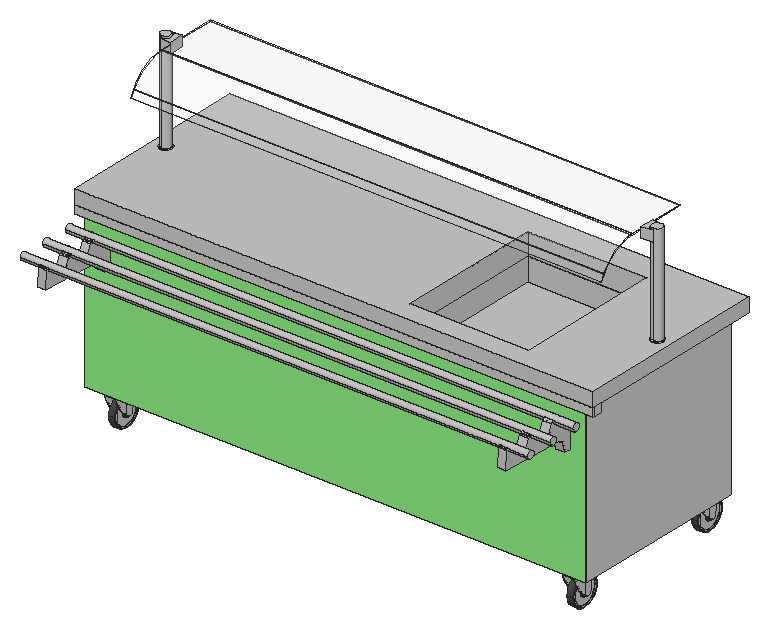
Revit family "QF_BOURGEAT_Self_Meuble_neutre_GN6", category Equipement spécialisé, Revit 2015
Parameters (values of type "GN6_dessus_decoupe+roues+etageres")
  dessus_plat = no
  dessus_decoupe = yes
  URL catalogue = "http://www.bourgeat.fr/fr/"
  URL = ""
  Type de Raccord Electrique = ""
  Type article = ""
  Tension = 0 V
  Spécification du Fabricant = "Meuble_neutre_OASIS"
  Roues = yes
  Remarques Electricité = ""
  Puissance électrique  = 0 W
  Profondeur hors tout = 820 mm
  Poids net à vide = 170.00 kg
  Pieds = no
  lgmeuble = Longueur hors tout - 68 mm  # 2121 mm
  lgconsole = Longueur hors tout - 44 mm  # 2145 mm
  lg_presentoir = lgmeuble - 44 mm  # 2077 mm
  lg_etagere = lgmeuble - 404 mm  # 1717 mm
  Presentoir = no
  Phase = 0
  Nature isolant = "Laine de verre"
  Modèle = "854226+854950+854956"
  Longueur hors tout = 2189 mm
  Intensité nominale = 0 A
  Indice de protection = "21"
  Hauteur hors tout = 900 mm
  Fréquence = 0 Hz
  Fabricant = "BOURGEAT"
  Etageres = no
  Contact SAV = "0033 (0)4.76.32.14.44"
  Charge max = 150.00 kg
  Certification = "NF alimentaire"
Types (16, lengths in mm): name | dessus_plat | dessus_decoupe | Tension | Roues | Puissance électrique  | Poids net à vide | Pieds | Presentoir | Phase | Modèle | Intensité nominale | Hauteur hors tout | Fréquence | Etageres
  GN6_dessus_decoupe | no | yes | 0 V | yes | 0 W | 200.00 kg | no | yes | 0 | "854226" | 0 A | 900 | 0 Hz | yes
  GN6_dessus_plat | yes | no | 0 V | no | 0 W | 170.00 kg | yes | no | 0 | "854116" | 0 A | 900 | 0 Hz | no
  GN6_dessus_plat+rampe_chauffante | yes | no | 230 V | no | 1000 W | 200.00 kg | yes | yes | 2 | "854116+851326" | 4.34783 A | 1330 | 50 Hz | no
  GN6_dessus_plat+roues | yes | no | 0 V | yes | 0 W | 170.00 kg | no | no | 0 | "854116+854950" | 0 A | 900 | 0 Hz | no
  GN6_dessus_plat+etageres | yes | no | 0 V | no | 0 W | 170.00 kg | yes | no | 0 | "854116+854956" | 0 A | 900 | 0 Hz | yes
  GN6_dessus_plat+rampe_chauffante+roues | yes | no | 230 V | yes | 1000 W | 200.00 kg | no | yes | 2 | "854116+851326+854950" | 4.34783 A | 1330 | 50 Hz | no
  GN6_dessus_plat+rampe_chauffante+etageres | yes | no | 230 V | no | 1000 W | 200.00 kg | yes | yes | 2 | "854116+851326+854956" | 4.34783 A | 1330 | 50 Hz | yes
  GN6_dessus_plat+roues+etageres | yes | no | 0 V | yes | 0 W | 170.00 kg | no | no | 0 | "854116+854950+854956" | 0 A | 900 | 0 Hz | yes
  GN6_dessus_plat+rampe_chauffante+roues+etageres | yes | no | 230 V | yes | 1000 W | 200.00 kg | no | yes | 2 | "854116+851326+854950+854956" | 4.34783 A | 1330 | 50 Hz | yes
  GN6_dessus_decoupe+rampe_chauffante | no | yes | 230 V | no | 960 W | 200.00 kg | yes | yes | 2 | "854226+851326" | 4.17391 A | 1330 | 50 Hz | no
  GN6_dessus_decoupe+roues | no | yes | 0 V | yes | 0 W | 170.00 kg | no | no | 0 | "854226+854950" | 0 A | 900 | 0 Hz | no
  GN6_dessus_decoupe+etageres | no | yes | 0 V | no | 0 W | 170.00 kg | yes | no | 0 | "854226+854956" | 0 A | 900 | 0 Hz | yes
  GN6_dessus_decoupe+rampe_chauffante+roues | no | yes | 230 V | yes | 960 W | 200.00 kg | no | yes | 2 | "854226+851326+854950" | 4.17391 A | 1330 | 50 Hz | no
  GN6_dessus_decoupe+rampe_chauffante+etageres | no | yes | 230 V | no | 960 W | 200.00 kg | yes | yes | 2 | "854226+851326+854956" | 4.17391 A | 1330 | 50 Hz | yes
  GN6_dessus_decoupe+roues+etageres | no | yes | 0 V | yes | 0 W | 170.00 kg | no | no | 0 | "854226+854950+854956" | 0 A | 900 | 0 Hz | no
  GN6_dessus_decoupe+rampe_chauffante+roues+etageres | no | yes | 230 V | yes | 960 W | 200.00 kg | no | yes | 2 | "854226+851326+854950+854956" | 4.17391 A | 1330 | 50 Hz | yes
Reference planes
  plane 1 "Centre (avant/arrière)": y = 0
  plane 2: z = 0
  plane 3 "Centre (gauche/droite)": x = 0
  plane 4: z = 235
  plane 5: z = 465
  plane 6: z = 284
  plane 7: z = 640
  plane 8: x = -2052
  plane 9: y = 590
Forms (mm)
  Extrusion 1, solid
    sketch origin (0, 0, 0) x (1, 0, 0) y (0, 1, 0)
      loop
        circle (-2052, 590) r 10
    from 147.533 to 160
Dimensions and locks
  locked: plane 4 to plane 2 at 235
  locked: plane 6 to plane 2 at 284
  locked: plane 7 to plane 2 at 640
  locked: nested 1 to plane 8 at 67
  aligned and locked: level to plane 2
  aligned and locked: nested 1 to plane 1 "Centre (avant/arrière)"
  aligned and locked: nested 3 to nested 1
  aligned and locked: nested 1 to plane 2
  aligned and locked: plane 7 to nested 3
  aligned and locked: nested 5 to nested 1
  aligned and locked: nested 4 to nested 1
  aligned and locked: plane 4 to nested 5
  aligned and locked: nested 4 to plane 5
  aligned and locked: nested 1 to nested 2
  aligned and locked: nested 7 to nested 1  (x2)
  aligned and locked: nested 7 to nested 2
  aligned and locked: nested 6 to nested 7  (x2)
  aligned and locked: nested 6 to nested 2
  aligned and locked: plane 8 to Extrusion 1 sketch curve
  aligned and locked: plane 9 to Extrusion 1 sketch curve
Nested families
  nested 1: "corps_meuble" at (0, 0, 160), type "corps_meuble"
    with roues yes, pieds no, lg_meuble 2119 mm, lg_ht 2189 mm
  nested 2: "presentoir" at (-1059.5, 402, 551.997) x (0, 1, 0) z (0, 0, 1), type "presentoir"
    with lg_presentoir 2077 mm
  nested 3: "barre_et_console" at (-1059.5, 0, 465) x (-1, 0, 0) z (0, 0, 1), type "barre_et_console"
    with lg_ht 2189 mm, lg_barre_console 2145 mm
  nested 4: "etagere" at (-1059.5, 80, 427) x (-1, 0, 0) z (0, 0, 1), visible <- "Etageres", type "etagere"
    with lg_etagere 1717 mm
  nested 5: "etagere" at (-1059.5, 80, 197) x (-1, 0, 0) z (0, 0, 1), visible <- "Etageres", type "etagere"
    with lg_etagere 1717 mm
  nested 6: "dessus_decoupe" at (-1059.5, 402, 808), visible <- "dessus_decoupe", type "dessus_découpe"
    with lg_cuve 2189 mm
  nested 7: "dessus_plat" at (-1059.5, 402, 808), visible <- "dessus_plat", type "dessus_plat"
    with lg_cuve 2189 mm
Connectors
  electrical at (-2052, 590, 147.533), driven by "Tension"
    settings: on Extrusion 1, index 1, voltage 0 V, apparent load 0 VA, apparent load phase1 960 VA, apparent load phase2 0 VA, apparent load phase3 0 VA, power factor 1, load classification "Autre", number of poles 1, system type 30, power factor state 1, is connector primary yes, connector utility no, sub classification motor no, connector description ""
Definition of nested family "corps_meuble"
  Parameters (values of type "corps_meuble")
    roues = no
    pieds = yes
    lg_meuble = lg_ht - 70 mm  # 1464 mm
    lg_ht = 1534 mm
  Reference planes
    plane 1 "Centre (avant/arrière)": y = 0
    plane 2: z = 0
    plane 3 "Centre (gauche/droite)": x = 0
    plane 4: x = -480.227
    plane 5: z = 680
    plane 6: x = -732
    plane 7: x = -379.227
    plane 8: x = -1464
    plane 9: x = -1414
    plane 10: x = -202
    plane 11: x = -50
    plane 12: x = -1262
    plane 13: x = -1374
    plane 14: x = -90
    plane 15: z = 519
    plane 16: x = -1371
    plane 17: x = -93
    plane 18: y = 53
    plane 19: y = 712
    plane 20: y = 402
    plane 21: y = -1
  Forms (mm)
    Extrusion 1, solid
      sketch origin (-379.227, -50.814, 0) x (1, 0, 0) y (0, 1, 0)
        loop
          line (-1084.773, 815.814) -> (-1084.773, 50.814) -> (379.227, 50.814) -> (379.227, 815.814) -> (177.227, 815.814) -> (177.227, 130.814) -> (-882.773, 130.814) -> (-882.773, 815.814) -> (-1084.773, 815.814)
      from 0 to 680
    Extrusion 2, void
      sketch origin (-379.227, 0, 0) x (1, 0, 0) y (0, 1, 0)
        loop
          line (-1034.773, 699.99) -> (-1034.773, 119.99) -> (329.227, 119.99) -> (329.227, 699.99) -> (-1034.773, 699.99)
      from 541.178 to 680
    Extrusion 3, solid
      sketch origin (0, 0, 0) x (1, 0, 0) y (0, 1, 0)
        loop
          line (-1414, 699.99) -> (-1414, 119.99) -> (-1262, 119.99) -> (-1262, 699.99) -> (-1414, 699.99)
        loop
          line (-202, 699.99) -> (-202, 119.99) -> (-50, 119.99) -> (-50, 699.99) -> (-202, 699.99)
      from 541.178 to 680
    Extrusion 4, solid
      sketch origin (0, 0, 0) x (1, 0, 0) y (0, 0, 1)
        loop
          line (-1464, 680) -> (-1464, 0) -> (0, 0) -> (0, 680) -> (-1464, 680)
      from 0 to 1
  Cuts and joins
    Extrusion 2 cuts Extrusion 1
  Dimensions and locks
    locked: plane 5 to plane 2 at 680
    locked: plane 8 to plane 9 at 50
    locked: plane 10 to plane 3 "Centre (gauche/droite)" at 202
    locked: plane 11 to plane 3 "Centre (gauche/droite)" at 50
    equal spacing: plane 8, plane 6, plane 3 "Centre (gauche/droite)"
    "lg_meuble": plane 8 to plane 3 "Centre (gauche/droite)"
    locked: plane 8 to plane 12 at 202
    locked: plane 8 to plane 13 at 90
    locked: plane 14 to plane 3 "Centre (gauche/droite)" at 90
    locked: plane 15 to plane 2 at 519
    locked: plane 8 to plane 16 at 93
    locked: plane 17 to plane 3 "Centre (gauche/droite)" at 93
    locked: cut or joined group of Extrusion 1, Extrusion 2 to plane 20 at 363
    aligned and locked: level to plane 2
    aligned and locked: plane 5 to Extrusion 1
    aligned and locked: cut or joined group of Extrusion 1, Extrusion 2 to plane 8
    aligned and locked: Extrusion 2 to plane 9
    aligned and locked: Extrusion 1 to plane 10
    aligned and locked: plane 11 to cut or joined group of Extrusion 1, Extrusion 2
    aligned and locked: plane 12 to cut or joined group of Extrusion 1, Extrusion 2
    aligned and locked: nested 1 to plane 13
    aligned and locked: plane 14 to nested 2
    aligned and locked: nested 2 to cut or joined group of Extrusion 1, Extrusion 2
    aligned and locked: nested 1 to cut or joined group of Extrusion 1, Extrusion 2
    aligned and locked: nested 1 to plane 15
    aligned and locked: nested 2 to plane 15
    aligned and locked: plane 13 to nested 3
    aligned and locked: plane 19 to nested 3
    aligned and locked: nested 4 to plane 18
    aligned and locked: plane 13 to nested 4
    aligned and locked: nested 5 to plane 18
    aligned and locked: plane 17 to nested 5
    aligned and locked: plane 19 to nested 6
    aligned and locked: plane 17 to nested 6
    aligned and locked: plane 17 to nested 9
    aligned and locked: plane 19 to nested 9
    aligned and locked: nested 10 to plane 18
    aligned and locked: plane 17 to nested 10
    aligned and locked: nested 8 to plane 18
    aligned and locked: plane 13 to nested 8
    aligned and locked: plane 13 to nested 7
    aligned and locked: plane 19 to nested 7
    aligned and locked: nested 4 to plane 2
    aligned and locked: nested 3 to plane 2
    aligned and locked: nested 7 to plane 2
    aligned and locked: nested 10 to plane 2
    aligned and locked: nested 9 to plane 2
    aligned and locked: nested 5 to plane 2
    aligned and locked: nested 6 to plane 2
    aligned and locked: Extrusion 3 sketch curve to cut or joined group of Extrusion 1, Extrusion 2  (x8)
    aligned and locked: Extrusion 4 sketch curve to cut or joined group of Extrusion 1, Extrusion 2  (x4)
    aligned and locked: plane 21 to Extrusion 4
  Automatic sketch dimensions
    Extrusion 1 sketch curve to plane 8 = 0 mm
    Extrusion 1 sketch curve to plane 10 = 0 mm
    plane 1 "Centre (avant/arrière)" to Extrusion 1 sketch curve = 0 mm
    Extrusion 1 sketch curve to plane 3 "Centre (gauche/droite)" = 0 mm
    Extrusion 1 sketch curve to plane 1 "Centre (avant/arrière)" = 80 mm
    Extrusion 1 sketch curve to plane 6 = 530 mm
    Extrusion 1 sketch curve to Extrusion 1 sketch curve = 685 mm
    Extrusion 1 sketch curve to Extrusion 1 sketch curve = 765 mm
    Extrusion 2 sketch curve to plane 9 = 0 mm
    Extrusion 2 sketch curve to plane 11 = 0 mm
    Extrusion 2 sketch curve to plane 1 "Centre (avant/arrière)" = 119.99 mm
    Extrusion 2 sketch curve to Extrusion 2 sketch curve = 580 mm
  Nested families
    nested 1: "Prise" at (-1331, 790, 562), type "Prise"
    nested 2: "Prise" at (-133, 790, 562), type "Prise"
    nested 3: "pied" at (-1374, 712, -160), visible <- "pieds", type "pied"
    nested 4: "pied" at (-1374, 53, -160), visible <- "pieds", type "pied"
    nested 5: "pied" at (-93, 53, -160), visible <- "pieds", type "pied"
    nested 6: "pied" at (-93, 712, -160), visible <- "pieds", type "pied"
    nested 7: "roue_ht160" at (-1374, 712, -160.21), visible <- "roues", type "roue_ht160"
      with Sans frein yes, Avec frein yes
    nested 8: "roue_ht160" at (-1374, 53, -160.21), visible <- "roues", type "roue_ht160"
      with Sans frein yes, Avec frein yes
    nested 9: "roue_ht160" at (-93, 712, -160.21), visible <- "roues", type "roue_ht160"
      with Sans frein yes, Avec frein yes
    nested 10: "roue_ht160" at (-93, 53, -160.21), visible <- "roues", type "roue_ht160"
      with Sans frein yes, Avec frein yes
  Definition of nested family "Prise"
    Reference planes
      plane 1 "Centre (avant/arrière)": y = 0
      plane 2: z = 0
      plane 3 "Centre (gauche/droite)": x = 0
      plane 4: x = 43
      plane 5: x = -43
      plane 6: z = 43
      plane 7: z = -43
      plane 8: y = -25
    Forms (mm)
      Extrusion 1, solid
        sketch origin (0, 0, 0) x (1, 0, 0) y (0, 0, 1)
          loop
            line (-43, 43) -> (-43, -43) -> (43, -43) -> (43, 43) -> (-43, 43)
        from 0 to 25
    Dimensions and locks
      locked: plane 8 to plane 1 "Centre (avant/arrière)" at 25
      aligned and locked: level to plane 2
      aligned and locked: Extrusion 1 sketch curve to plane 6
      aligned and locked: Extrusion 1 sketch curve to plane 5
      aligned and locked: Extrusion 1 sketch curve to plane 7
      aligned and locked: Extrusion 1 sketch curve to plane 4
      aligned and locked: Extrusion 1 to plane 8
  Definition of nested family "pied"
    Reference planes
      plane 1 "Centre (avant/arrière)": y = 0
      plane 2: z = 0
      plane 3 "Centre (gauche/droite)": x = 0
    Forms (mm)
      Revolve 1, solid
        sketch origin (0, 0, 0) x (1, 0, 0) y (0, 0, 1)
          loop
            line (0, 160) -> (-33, 160) -> (-33, 70) -> (-28, 70) -> (-28, 0) -> (0, 0) -> (0, 160)
          axis (0, 160) -> (0, 0)
        angle from 0 to 360
    Dimensions and locks
      plane 3 "Centre (gauche/droite)" to Revolve 1 sketch curve = 28 mm
      Revolve 1 sketch curve to plane 3 "Centre (gauche/droite)" = 33 mm
      Revolve 1 sketch curve to plane 2 = 70 mm
      Revolve 1 sketch curve to Revolve 1 sketch curve = 90 mm
      aligned and locked: level to plane 2
  Definition of nested family "roue_ht160"
    Parameters (values of type "roue_ht160")
      Sans frein [instance] = yes
      Avec frein [instance] = yes
    Reference planes
      plane 1 "Centre (avant/arrière)": y = 0
      plane 2: z = 0
      plane 3 "Centre (gauche/droite)": x = 0
      plane 4: y = 40.851
      plane 5: z = 62.5
    Forms (mm)
      Extrusion 1, solid
        sketch origin (0, 0, 0) x (0, 1, 0) y (0, 0, 1)
          loop
            circle (40.851, 62.5) r 62.5
          loop
            circle (40.851, 62.5) r 57.5
        from -12.5 to 12.5
      Revolve 2, solid
        sketch origin (0, 0, 0) x (0, 1, 0) y (0, 0, 1)
          loop
            line (0, 160.21) -> (-20.149, 160.21) -> (-20.149, 159.41) -> (-21.6, 159.41)
            arc (-21.6, 159.41) -> (-24.448, 158.65) -> (-26.537, 156.572) r 5.712
            line (-26.537, 156.572) -> (-30.146, 147.743) -> (-26.999, 147.062) -> (-26.999, 146.112)
            arc (-26.999, 146.112) -> (-27.23, 145.314) -> (-27.849, 144.761) r 1.5
            arc (-27.849, 144.761) -> (-29.223, 143.633) -> (-29.923, 142) r 3.75
            line (-29.923, 142) -> (0, 142) -> (0, 160.21)
          axis (0, 160.21) -> (0, 142)
        angle from 0 to 360
      Extrusion 3, solid
        sketch origin (0, 0, 0) x (0, 1, 0) y (0, 0, -1)
          loop
            line (-29.974, -138.241) -> (-29.974, -142) -> (21.747, -142) -> (21.747, -60.336)
            arc (21.747, -60.336) -> (10.272, -70.702) -> (-0.149, -82.127) r 160.057
            arc (-0.149, -82.127) -> (-17.883, -108.684) -> (-29.974, -138.241) r 159.585
        from -24.913 to -23.038
      Extrusion 4, solid
        sketch origin (0, 0, 0) x (0, 1, 0) y (0, 0, 1)
          loop
            line (-29.974, 142) -> (-29.974, 140.869) -> (21.747, 140.869) -> (21.747, 142) -> (-29.974, 142)
        from -23.038 to 23.038
      Extrusion 5, solid
        sketch origin (0, 0, 0) x (0, 1, 0) y (0, 0, 1)
          loop
            circle (40.851, 62.5) r 57.5
          loop
            circle (40.851, 62.5) r 55
        from -12.5 to 12.5
      Extrusion 6, solid
        sketch origin (0, 0, 0) x (0, 1, 0) y (0, 0, 1)
          loop
            circle (40.851, 62.5) r 55
        from -7 to 7
      Extrusion 7, solid
        sketch origin (0, 0, 0) x (0, 1, 0) y (0, 0, 1)
          loop
            circle (40.851, 62.5) r 21
        from 7 to 15
      Extrusion 8, solid
        sketch origin (0, 0, 0) x (0, 1, 0) y (0, 0, -1)
          loop
            circle (40.851, -62.5) r 16
        from -23.038 to -15
      Extrusion 9, solid, visible <- "Sans frein"
        sketch origin (0, 0, 0) x (0, 1, 0) y (0, 0, 1)
          loop
            arc (21.747, 60.336) -> (23.188, 59.17) -> (24.642, 58.02) r 161.23
            arc (24.642, 58.02) -> (29.34, 54.513) -> (34.187, 51.216) r 133.333
            arc (34.187, 51.216) -> (46.517, 50.3) -> (53.927, 60.198) r 12.867
            arc (53.927, 60.198) -> (54.714, 99.183) -> (46.119, 137.216) r 161.222
            arc (46.119, 137.216) -> (45.679, 138.887) -> (45.531, 140.609) r 10.076
            line (45.531, 140.609) -> (45.531, 142) -> (21.747, 142) -> (21.747, 60.336)
        from 23.038 to 24.913
      Extrusion 10, solid, visible <- "Sans frein"
        sketch origin (0, 0, 0) x (0, 1, 0) y (0, 0, 1)
          loop
            line (21.747, 142) -> (21.747, 140.701) -> (48.851, 140.701) -> (48.851, 142) -> (21.747, 142)
        from -23.038 to 23.038
      Extrusion 11, solid, visible <- "Avec frein"
        sketch origin (0, 0, 0) x (0, 1, 0) y (0, 0, 1)
          loop
            line (21.747, 142) -> (21.747, 60.336)
            arc (21.747, 60.336) -> (23.177, 59.179) -> (24.62, 58.038) r 160.008
            arc (24.62, 58.038) -> (29.041, 54.705) -> (33.574, 51.527) r 160
            arc (33.574, 51.527) -> (46.135, 50.422) -> (53.724, 60.491) r 13
            arc (53.724, 60.491) -> (55.279, 82.092) -> (53.902, 103.704) r 160
            arc (53.902, 103.704) -> (55.53, 108.653) -> (60.415, 110.463) r 6
            arc (60.415, 110.463) -> (80.625, 109.924) -> (100.725, 112.107) r 150
            arc (100.725, 112.107) -> (104.408, 113.406) -> (107.479, 115.819) r 12
            line (107.479, 115.819) -> (110.851, 121.523)
            arc (110.851, 121.523) -> (85.913, 134.651) -> (58.706, 142) r 127.902
            line (58.706, 142) -> (21.747, 142)
        from 23.038 to 24.913
      Extrusion 12, solid, visible <- "Avec frein"
        sketch origin (0, 0, 0) x (0, 1, 0) y (0, 0, 1)
          loop
            line (58.706, 142) -> (21.747, 142) -> (21.747, 140) -> (58.552, 140)
            arc (58.552, 140) -> (85.253, 132.762) -> (109.73, 119.866) r 125.902
            line (109.73, 119.866) -> (110.851, 121.523)
            arc (110.851, 121.523) -> (85.913, 134.651) -> (58.706, 142) r 127.902
        from -23.038 to 23.038
      Extrusion 13, solid, visible <- "Avec frein"
        sketch origin (0, 19.896, 18.175) x (0, 1, 0) y (0, 0, 1)
          loop
            line (87.583, 97.644) -> (91.829, 95.227)
            arc (91.829, 95.227) -> (93.8, 95.006) -> (95.312, 96.29) r 2.5
            arc (95.312, 96.29) -> (103.495, 100.002) -> (111.176, 104.666) r 74.999
            line (111.176, 104.666) -> (110.852, 105.929)
            arc (110.852, 105.929) -> (110.04, 107.086) -> (108.666, 107.417) r 2
            arc (108.666, 107.417) -> (101.396, 105.849) -> (94.512, 103.034) r 42.354
            line (94.512, 103.034) -> (93.479, 101.228) -> (93.285, 100.414) -> (91.69, 101.675) -> (90.401, 102.412) -> (87.583, 97.644)
        from -23.038 to 23.038
      Extrusion 14, solid, not visible
        sketch origin (0, 0, 0) x (0, 1, 0) y (0, 0, -1)
          loop
            line (-29.974, -138.241) -> (-29.974, -142) -> (21.747, -142) -> (21.747, -60.336)
            arc (21.747, -60.336) -> (10.272, -70.702) -> (-0.149, -82.127) r 160.057
            arc (-0.149, -82.127) -> (-17.883, -108.684) -> (-29.974, -138.241) r 159.585
        from -24.913 to -23.038
      Extrusion 15, solid, not visible
        sketch origin (0, 0, 0) x (0, 1, 0) y (0, 0, 1)
          loop
            circle (40.851, 62.5) r 21
        from 7 to 15
      Extrusion 16, solid, not visible
        sketch origin (0, 0, 0) x (0, 1, 0) y (0, 0, -1)
          loop
            circle (40.851, -62.5) r 16
        from -23.038 to -15
      Extrusion 17, solid, visible <- "Sans frein", not visible
        sketch origin (0, 0, 0) x (0, 1, 0) y (0, 0, 1)
          loop
            arc (21.747, 60.336) -> (23.188, 59.17) -> (24.642, 58.02) r 161.23
            arc (24.642, 58.02) -> (29.34, 54.513) -> (34.187, 51.216) r 133.333
            arc (34.187, 51.216) -> (46.517, 50.3) -> (53.927, 60.198) r 12.867
            arc (53.927, 60.198) -> (54.714, 99.183) -> (46.119, 137.216) r 161.222
            arc (46.119, 137.216) -> (45.679, 138.887) -> (45.531, 140.609) r 10.076
            line (45.531, 140.609) -> (45.531, 142) -> (21.747, 142) -> (21.747, 60.336)
        from 23.038 to 24.913
      Extrusion 18, solid, visible <- "Avec frein", not visible
        sketch origin (0, 0, 0) x (0, 1, 0) y (0, 0, 1)
          loop
            line (21.747, 142) -> (21.747, 60.336)
            arc (21.747, 60.336) -> (23.177, 59.179) -> (24.62, 58.038) r 160.008
            arc (24.62, 58.038) -> (29.041, 54.705) -> (33.574, 51.527) r 160
            arc (33.574, 51.527) -> (46.135, 50.422) -> (53.724, 60.491) r 13
            arc (53.724, 60.491) -> (55.279, 82.092) -> (53.902, 103.704) r 160
            arc (53.902, 103.704) -> (55.53, 108.653) -> (60.415, 110.463) r 6
            arc (60.415, 110.463) -> (80.625, 109.924) -> (100.725, 112.107) r 150
            arc (100.725, 112.107) -> (104.408, 113.406) -> (107.479, 115.819) r 12
            line (107.479, 115.819) -> (110.851, 121.523)
            arc (110.851, 121.523) -> (85.913, 134.651) -> (58.706, 142) r 127.902
            line (58.706, 142) -> (21.747, 142)
        from 23.038 to 24.913
      Extrusion 19, solid
        sketch origin (0, 0, 0) x (0, -1, 0) y (0, 0, -1)
          loop
            arc (29.974, -138.241) -> (17.883, -108.684) -> (0.149, -82.127) r 159.585
            arc (0.149, -82.127) -> (-10.272, -70.702) -> (-21.747, -60.336) r 160.057
            line (-21.747, -60.336) -> (-21.747, -142) -> (29.974, -142) -> (29.974, -138.241)
        from -24.913 to -23.038
      Extrusion 20, solid
        sketch origin (0, 0, 0) x (0, -1, 0) y (0, 0, 1)
          loop
            circle (-40.851, 62.5) r 21
        from 7 to 15
      Extrusion 21, solid
        sketch origin (0, 0, 0) x (0, -1, 0) y (0, 0, -1)
          loop
            circle (-40.851, -62.5) r 16
        from -23.038 to -15
      Extrusion 22, solid, visible <- "Sans frein"
        sketch origin (0, 0, 0) x (0, -1, 0) y (0, 0, 1)
          loop
            line (-21.747, 60.336) -> (-21.747, 142) -> (-45.531, 142) -> (-45.531, 140.609)
            arc (-45.531, 140.609) -> (-45.679, 138.887) -> (-46.119, 137.216) r 10.076
            arc (-46.119, 137.216) -> (-54.714, 99.183) -> (-53.927, 60.198) r 161.222
            arc (-53.927, 60.198) -> (-46.517, 50.3) -> (-34.187, 51.216) r 12.867
            arc (-34.187, 51.216) -> (-29.34, 54.513) -> (-24.642, 58.02) r 133.333
            arc (-24.642, 58.02) -> (-23.188, 59.17) -> (-21.747, 60.336) r 161.23
        from 23.038 to 24.913
      Extrusion 23, solid, visible <- "Avec frein"
        sketch origin (0, 0, 0) x (0, -1, 0) y (0, 0, 1)
          loop
            line (-21.747, 142) -> (-58.706, 142)
            arc (-58.706, 142) -> (-85.913, 134.651) -> (-110.851, 121.523) r 127.902
            line (-110.851, 121.523) -> (-107.479, 115.819)
            arc (-107.479, 115.819) -> (-104.408, 113.406) -> (-100.725, 112.107) r 12
            arc (-100.725, 112.107) -> (-80.625, 109.924) -> (-60.415, 110.463) r 150
            arc (-60.415, 110.463) -> (-55.53, 108.653) -> (-53.902, 103.704) r 6
            arc (-53.902, 103.704) -> (-55.279, 82.092) -> (-53.724, 60.491) r 160
            arc (-53.724, 60.491) -> (-46.135, 50.422) -> (-33.574, 51.527) r 13
            arc (-33.574, 51.527) -> (-29.041, 54.705) -> (-24.62, 58.038) r 160
            arc (-24.62, 58.038) -> (-23.177, 59.179) -> (-21.747, 60.336) r 160.008
            line (-21.747, 60.336) -> (-21.747, 142)
        from 23.038 to 24.913
    Dimensions and locks
      aligned and locked: level to plane 2
Definition of nested family "presentoir"
  Parameters (values of type "presentoir")
    lg_presentoir = 1097 mm
  Reference planes
    plane 1 "Centre (avant/arrière)": y = 0
    plane 2: z = 0
    plane 3 "Centre (gauche/droite)": x = 0
    plane 4: x = 0
    plane 5: y = 0
    plane 6: z = 348.003
    plane 7: z = 775.003
    plane 8: z = 353.003
    plane 9: z = 770.54
    plane 10: z = 727.003
    plane 11: y = 548.5
    plane 12: y = -548.5
    plane 13: y = 548.5
    plane 14: y = -548.5
  Forms (mm)
    Extrusion 1, solid
      sketch origin (0, 0, 0) x (1, 0, 0) y (0, 0, 1)
        loop
          line (-240.07, 650.474) -> (-234.874, 647.474) -> (-219.875, 673.453)
          arc (-219.875, 673.453) -> (-158.748, 734.58) -> (-75.248, 756.953) r 167
          line (-75.248, 756.953) -> (179.75, 756.953) -> (179.75, 762.953) -> (-75.248, 762.953)
          arc (-75.248, 762.953) -> (-161.33, 740.45) -> (-224.372, 677.664) r 170.59
          line (-224.372, 677.664) -> (-240.07, 650.474)
      from -503.5 to 503.5
    Extrusion 2, solid
      sketch origin (0, 0, 0) x (1, 0, 0) y (0, 1, 0)
        loop
          line (-25, 548.5) -> (-30.461, 503.5) -> (30.461, 503.5) -> (25, 548.5)
          arc (25, 548.5) -> (0, 523.5) -> (-25, 548.5) r 25
        loop
          arc (-25, -548.5) -> (0, -523.5) -> (25, -548.5) r 25
          line (25, -548.5) -> (30.461, -503.5) -> (-30.461, -503.5) -> (-25, -548.5)
      from 727.003 to 770.54
    Extrusion 3, solid
      sketch origin (0, -396.5, 0) x (1, 0, 0) y (0, 1, 0)
        loop
          circle (0, 945) r 21.2
        loop
          circle (0, -152) r 21.2
      from 353.003 to 775.003
    Revolve 4, solid
      sketch origin (0, 0, 0) x (0, 1, 0) y (0, 0, 1)
        loop
          line (-548.5, 353.003) -> (-569.7, 353.003) -> (-573.5, 349.203) -> (-573.5, 348.003) -> (-548.5, 348.003) -> (-548.5, 353.003)
        axis (-548.5, 353.003) -> (-548.5, 348.003)
      angle from 0 to 360
    Revolve 5, solid
      sketch origin (0, 0, 0) x (0, -1, 0) y (0, 0, 1)
        loop
          line (-548.5, 353.003) -> (-569.7, 353.003) -> (-573.5, 349.203) -> (-573.5, 348.003) -> (-548.5, 348.003) -> (-548.5, 353.003)
        axis (-548.5, 353.003) -> (-548.5, 348.003)
      angle from 0 to 360
  Dimensions and locks
    equal spacing: plane 11, plane 1 "Centre (avant/arrière)", plane 12
    "lg_presentoir": plane 11 to plane 12
    locked: Extrusion 2 sketch curve to plane 14 at 45
    locked: plane 13 to Extrusion 2 sketch curve at 45
    aligned and locked: level to plane 2
    aligned and locked: plane 3 "Centre (gauche/droite)" to plane 4
    aligned and locked: Extrusion 3 to plane 7
    aligned and locked: plane 8 to Extrusion 3
    aligned and locked: Extrusion 2 to plane 9
    aligned and locked: plane 10 to Extrusion 2
    aligned and locked: plane 1 "Centre (avant/arrière)" to plane 5
    aligned and locked: plane 11 to Extrusion 3
    aligned and locked: plane 12 to Extrusion 3
    aligned and locked: plane 13 to plane 11
    aligned and locked: plane 14 to plane 12
    aligned and locked: Extrusion 1 to Extrusion 2  (x2)
  Automatic sketch dimensions
    Extrusion 1 sketch curve to plane 3 "Centre (gauche/droite)" = 240.07 mm
    plane 10 to Extrusion 1 sketch curve = 79.529 mm
    Extrusion 1 sketch curve to Extrusion 1 sketch curve = 5.196 mm
    plane 10 to Extrusion 1 sketch curve = 49.34 mm
    Extrusion 1 sketch curve to Extrusion 1 sketch curve = 15.698 mm
    plane 10 to Extrusion 1 sketch curve = 53.55 mm
    Extrusion 1 sketch curve to plane 3 "Centre (gauche/droite)" = 76.636 mm
    Extrusion 1 sketch curve to Extrusion 1 sketch curve = 1.388 mm
    Extrusion 1 sketch curve to Extrusion 1 sketch curve = 0 mm
    plane 9 to Extrusion 1 sketch curve = 13.587 mm
    plane 3 "Centre (gauche/droite)" to Extrusion 1 sketch curve = 179.75 mm
    Extrusion 1 sketch curve to Extrusion 1 sketch curve = 2.415 mm
    Extrusion 2 sketch curve to plane 14 = 0 mm
    plane 11 to Extrusion 2 sketch curve = 0 mm
    Extrusion 2 sketch curve to plane 3 "Centre (gauche/droite)" = 0 mm  (x2)
    Extrusion 2 sketch curve to Extrusion 2 sketch curve = 25 mm  (x2)
    Extrusion 2 sketch curve to plane 3 "Centre (gauche/droite)" = 30.461 mm  (x2)
    plane 3 "Centre (gauche/droite)" to Extrusion 2 sketch curve = 30.461 mm  (x2)
    Extrusion 3 sketch curve to plane 3 "Centre (gauche/droite)" = 0 mm  (x2)
    Extrusion 3 sketch curve to plane 12 = 0 mm
    plane 11 to Extrusion 3 sketch curve = 0 mm
    Revolve 4 sketch curve to plane 6 = 0 mm
    Revolve 4 sketch curve to plane 8 = 0 mm
    Revolve 4 sketch curve to plane 12 = 0 mm  (x2)
    Revolve 4 sketch curve to Revolve 4 sketch curve = 21.2 mm
    Revolve 4 sketch curve to Revolve 4 sketch curve = 3.8 mm
    Revolve 4 sketch curve to Revolve 4 sketch curve = 1.2 mm
    Revolve 4 sketch curve to plane 6 = 14.256 mm
    plane 8 to Revolve 4 sketch curve = 30.744 mm
    Revolve 5 sketch curve to plane 6 = 0 mm
    plane 8 to Revolve 5 sketch curve = 0 mm
    Revolve 5 sketch curve to plane 11 = 0 mm  (x2)
    Revolve 5 sketch curve to plane 11 = 21.2 mm
    Revolve 5 sketch curve to Revolve 5 sketch curve = 3.8 mm
    Revolve 5 sketch curve to Revolve 5 sketch curve = 1.2 mm
    plane 6 to Revolve 5 sketch curve = 14.256 mm
    Revolve 5 sketch curve to Revolve 5 sketch curve = 30.744 mm
    radius of Extrusion 3 sketch curve = 21.2 mm  (x2)
Definition of nested family "barre_et_console"
  Parameters (values of type "barre_et_console")
    lg_ht = 884 mm
    lg_barre_console = lg_ht - 44 mm  # 840 mm
  Reference planes
    plane 1 "Centre (avant/arrière)": y = 0
    plane 2: z = 0
    plane 3 "Centre (gauche/droite)": x = 0
    plane 4: x = -420
    plane 5: x = 420
    plane 6: x = -320
    plane 7: x = 320
    plane 8: z = 320.378
    plane 9: z = 175
  Dimensions and locks
    locked: plane 4 to plane 6 at 100
    locked: plane 7 to plane 5 at 100
    equal spacing: plane 4, plane 3 "Centre (gauche/droite)", plane 5
    "lg_barre_console": plane 4 to plane 5
    aligned and locked: level to plane 2
    aligned and locked: nested 1 to plane 1 "Centre (avant/arrière)"
    aligned and locked: plane 6 to nested 1
    aligned and locked: plane 7 to nested 2
    aligned and locked: plane 5 to nested 3
    aligned and locked: nested 3 to plane 4
    aligned and locked: plane 8 to nested 3
    aligned and locked: plane 9 to nested 1
  Nested families
    nested 1: "console" at (-320, 0, 0) x (0, 1, 0) z (0, 0, 1), type "console"
    nested 2: "console" at (320, 0, 0) x (0, 1, 0) z (0, 0, 1), type "console"
    nested 3: "barre" at (420, 0, 19.415) x (0, 1, 0) z (0, 0, 1), type "barre"
  Definition of nested family "console"
    Reference planes
      plane 1 "Centre (avant/arrière)": y = 0
      plane 2: z = 0
      plane 3 "Centre (gauche/droite)": x = 0
      plane 4: y = 18
      plane 5: y = -18
      plane 6: y = 0
    Forms (mm)
      Extrusion 1, solid
        sketch origin (-12.245, 0, 175) x (1, 0, 0) y (0, 0, 1)
          loop
            line (12.245, 100) -> (12.245, 0) -> (39.579, 4.82) -> (50.894, 44.279)
            arc (50.894, 44.279) -> (55.986, 52.254) -> (64.592, 56.187) r 16.714
            line (64.592, 56.187) -> (348.499, 69.146) -> (343.309, 143.358)
            arc (343.309, 143.358) -> (342.973, 144.595) -> (342.189, 145.609) r 3.292
            line (342.189, 145.609) -> (337.923, 148.439)
            arc (337.923, 148.439) -> (337.371, 148.545) -> (336.906, 148.229) r 0.731
            arc (336.906, 148.229) -> (320.176, 130.386) -> (309.012, 152.149) r 14.958
            arc (309.012, 152.149) -> (308.597, 152.587) -> (308.001, 152.491) r 0.646
            line (308.001, 152.491) -> (297.265, 144.401) -> (278.874, 108.385)
            arc (278.874, 108.385) -> (262.102, 99.164) -> (245.329, 108.385) r 19.864
            line (245.329, 108.385) -> (229.634, 139.188) -> (217.945, 148.321)
            arc (217.945, 148.321) -> (217.306, 148.53) -> (216.976, 147.944) r 0.53
            arc (216.976, 147.944) -> (200.124, 130.629) -> (188.973, 152.064) r 14.905
            arc (188.973, 152.064) -> (188.691, 152.524) -> (188.154, 152.476) r 0.511
            line (188.154, 152.476) -> (177.098, 144.144) -> (158.855, 108.341)
            arc (158.855, 108.341) -> (142.039, 98.901) -> (125.223, 108.341) r 19.698
            line (125.223, 108.341) -> (109.334, 139.526) -> (97.932, 148.434)
            arc (97.932, 148.434) -> (97.187, 148.438) -> (96.994, 147.718) r 0.61
            arc (96.994, 147.718) -> (79.923, 130.663) -> (69.024, 152.192) r 14.902
            arc (69.024, 152.192) -> (68.66, 152.548) -> (68.158, 152.464) r 0.563
            line (68.158, 152.464) -> (57.103, 144.336) -> (39.164, 108.745)
            arc (39.164, 108.745) -> (33.443, 102.448) -> (25.295, 100) r 15.908
            line (25.295, 100) -> (12.245, 100)
        from -18 to 18
    Dimensions and locks
      plane 4 to plane 5 = 36 mm
      equal spacing: plane 4, plane 6, plane 5, locked at 18 each
      aligned and locked: level to plane 2
      aligned and locked: plane 4 to Extrusion 1
      aligned and locked: Extrusion 1 to plane 5
      aligned and locked: plane 6 to plane 1 "Centre (avant/arrière)"
      aligned and locked: Extrusion 1 to plane 3 "Centre (gauche/droite)"
    Automatic sketch dimensions
      Extrusion 1 sketch curve to Extrusion 1 sketch curve = 12.714 mm
      Extrusion 1 sketch curve to Extrusion 1 sketch curve = 13.05 mm
      Extrusion 1 sketch curve to Extrusion 1 sketch curve = 14.206 mm
      Extrusion 1 sketch curve to Extrusion 1 sketch curve = 27.334 mm
      Extrusion 1 sketch curve to Extrusion 1 sketch curve = 11.315 mm
      Extrusion 1 sketch curve to Extrusion 1 sketch curve = 17.938 mm
      Extrusion 1 sketch curve to Extrusion 1 sketch curve = 13.698 mm
      Extrusion 1 sketch curve to Extrusion 1 sketch curve = 16.057 mm
      Extrusion 1 sketch curve to Extrusion 1 sketch curve = 11.055 mm
      Extrusion 1 sketch curve to Extrusion 1 sketch curve = 0.333 mm
      Extrusion 1 sketch curve to Extrusion 1 sketch curve = 13.785 mm
      Extrusion 1 sketch curve to Extrusion 1 sketch curve = 15.28 mm
      Extrusion 1 sketch curve to Extrusion 1 sketch curve = 0.376 mm
      Extrusion 1 sketch curve to Extrusion 1 sketch curve = 11.401 mm
      Extrusion 1 sketch curve to Extrusion 1 sketch curve = 15.89 mm
      Extrusion 1 sketch curve to Extrusion 1 sketch curve = 16.816 mm  (x2)
      Extrusion 1 sketch curve to Extrusion 1 sketch curve = 18.243 mm
      Extrusion 1 sketch curve to Extrusion 1 sketch curve = 11.057 mm
      Extrusion 1 sketch curve to Extrusion 1 sketch curve = 0.308 mm
      Extrusion 1 sketch curve to Extrusion 1 sketch curve = 13.831 mm
      Extrusion 1 sketch curve to Extrusion 1 sketch curve = 15.204 mm
      Extrusion 1 sketch curve to Extrusion 1 sketch curve = 0.447 mm
      Extrusion 1 sketch curve to Extrusion 1 sketch curve = 11.69 mm
      Extrusion 1 sketch curve to Extrusion 1 sketch curve = 15.695 mm
      Extrusion 1 sketch curve to Extrusion 1 sketch curve = 16.772 mm  (x2)
      Extrusion 1 sketch curve to Extrusion 1 sketch curve = 18.391 mm
      Extrusion 1 sketch curve to Extrusion 1 sketch curve = 10.737 mm
      Extrusion 1 sketch curve to Extrusion 1 sketch curve = 0.389 mm
      Extrusion 1 sketch curve to Extrusion 1 sketch curve = 13.868 mm
      Extrusion 1 sketch curve to Extrusion 1 sketch curve = 15.261 mm
      Extrusion 1 sketch curve to Extrusion 1 sketch curve = 0.404 mm
      Extrusion 1 sketch curve to Extrusion 1 sketch curve = 2.506 mm
      Extrusion 1 sketch curve to Extrusion 1 sketch curve = 2.164 mm
      Extrusion 1 sketch curve to Extrusion 1 sketch curve = 1.12 mm
      Extrusion 1 sketch curve to Extrusion 1 sketch curve = 5.189 mm
      Extrusion 1 sketch curve to Extrusion 1 sketch curve = 4.639 mm
      Extrusion 1 sketch curve to Extrusion 1 sketch curve = 55.721 mm
      Extrusion 1 sketch curve to Extrusion 1 sketch curve = 8.745 mm
      Extrusion 1 sketch curve to Extrusion 1 sketch curve = 10.259 mm
      Extrusion 1 sketch curve to Extrusion 1 sketch curve = 10.642 mm
      Extrusion 1 sketch curve to Extrusion 1 sketch curve = 9.133 mm
      Extrusion 1 sketch curve to Extrusion 1 sketch curve = 31.185 mm
      Extrusion 1 sketch curve to Extrusion 1 sketch curve = 35.803 mm
      Extrusion 1 sketch curve to Extrusion 1 sketch curve = 35.592 mm
      Extrusion 1 sketch curve to Extrusion 1 sketch curve = 3.24 mm
      Extrusion 1 sketch curve to Extrusion 1 sketch curve = 2.946 mm
      Extrusion 1 sketch curve to Extrusion 1 sketch curve = 1.042 mm
      Extrusion 1 sketch curve to Extrusion 1 sketch curve = 0.609 mm
      Extrusion 1 sketch curve to Extrusion 1 sketch curve = 8.427 mm
      Extrusion 1 sketch curve to Extrusion 1 sketch curve = 0.286 mm
      Extrusion 1 sketch curve to Extrusion 1 sketch curve = 0.481 mm
      Extrusion 1 sketch curve to Extrusion 1 sketch curve = 0.516 mm
      Extrusion 1 sketch curve to Extrusion 1 sketch curve = 7.674 mm
      Extrusion 1 sketch curve to Extrusion 1 sketch curve = 7.924 mm
      Extrusion 1 sketch curve to Extrusion 1 sketch curve = 0.453 mm
      Extrusion 1 sketch curve to Extrusion 1 sketch curve = 0.408 mm
      Extrusion 1 sketch curve to Extrusion 1 sketch curve = 0.533 mm
      Extrusion 1 sketch curve to Extrusion 1 sketch curve = 0.511 mm
      Extrusion 1 sketch curve to Extrusion 1 sketch curve = 0.622 mm
      Extrusion 1 sketch curve to Extrusion 1 sketch curve = 4.82 mm
      Extrusion 1 sketch curve to Extrusion 1 sketch curve = 34.82 mm
      Extrusion 1 sketch curve to Extrusion 1 sketch curve = 76.232 mm
      Extrusion 1 sketch curve to Extrusion 1 sketch curve = 37.038 mm
      Extrusion 1 sketch curve to Extrusion 1 sketch curve = 39.239 mm
      Extrusion 1 sketch curve to Extrusion 1 sketch curve = 30.803 mm
      Extrusion 1 sketch curve to Extrusion 1 sketch curve = 34.743 mm
      Extrusion 1 sketch curve to Extrusion 1 sketch curve = 0.23 mm
      Extrusion 1 sketch curve to Extrusion 1 sketch curve = 36.015 mm
      Extrusion 1 sketch curve to Extrusion 1 sketch curve = 2.071 mm
      Extrusion 1 sketch curve to Extrusion 1 sketch curve = 7.575 mm
      Extrusion 1 sketch curve to plane 3 "Centre (gauche/droite)" = 0 mm
      level to Extrusion 1 sketch curve = 175 mm
  Definition of nested family "barre"
    Parameters (values of type "barre")
      lg_barre = 840 mm
    Reference planes
      plane 1 "Centre (avant/arrière)": y = 0
      plane 2: z = 0
      plane 3 "Centre (gauche/droite)": x = 0
      plane 4: x = 70
      plane 5: x = 190
      plane 6: x = 309
      plane 7: z = 300.963
      plane 8: z = 94.658
      plane 9: y = 0
      plane 10: y = 840
    Forms (mm)
      Extrusion 1, solid
        sketch origin (0, 0, 0) x (1, 0, 0) y (0, 0, 1)
          loop
            circle (70, 300.963) r 15
          loop
            circle (190, 300.963) r 15
          loop
            circle (309, 300.963) r 15
        from 0 to -840
    Dimensions and locks
      plane 4 to plane 3 "Centre (gauche/droite)" = 70 mm
      plane 6 to plane 5 to plane 4 = 119 mm, 120 mm
      "lg_barre": plane 10 to plane 1 "Centre (avant/arrière)"
      aligned and locked: level to plane 2
      aligned and locked: Extrusion 1 to plane 9
      aligned and locked: plane 9 to plane 1 "Centre (avant/arrière)"
      aligned and locked: plane 10 to Extrusion 1
    Automatic sketch dimensions
      Extrusion 1 sketch curve to plane 4 = 0 mm
      Extrusion 1 sketch curve to plane 5 = 0 mm
      Extrusion 1 sketch curve to plane 6 = 0 mm
      Extrusion 1 sketch curve to plane 7 = 0 mm  (x3)
      radius of Extrusion 1 sketch curve = 15 mm  (x3)
Definition of nested family "etagere"
  Parameters (values of type "etagere")
    lg_etagere = 1715 mm
  Reference planes
    plane 1 "Centre (avant/arrière)": y = 0
    plane 2: z = 0
    plane 3 "Centre (gauche/droite)": x = 0
    plane 4: y = -625
    plane 5: y = -623
    plane 6: y = -2
    plane 7: x = 0
  Forms (mm)
    Extrusion 1, solid
      sketch origin (0, 0, 0) x (0, 1, 0) y (0, 0, 1)
        loop
          line (0, 119.481) -> (-2, 119.481) -> (-2, 40) -> (-625, 40) -> (-625, 0) -> (-623, 0) -> (-623, 38) -> (0, 38) -> (0, 119.481)
      from -857.5 to 857.5
  Dimensions and locks
    locked: plane 6 to plane 1 "Centre (avant/arrière)" at 2
    locked: plane 4 to plane 5 at 2
    plane 4 to plane 1 "Centre (avant/arrière)" = 625 mm
    equal spacing: Extrusion 1, plane 7, Extrusion 1
    "lg_etagere": Extrusion 1 to Extrusion 1
    aligned and locked: level to plane 2
    aligned and locked: plane 2 to Extrusion 1 sketch curve
    aligned and locked: plane 1 "Centre (avant/arrière)" to Extrusion 1 sketch curve
    aligned and locked: plane 4 to Extrusion 1
    aligned and locked: plane 5 to Extrusion 1
    aligned and locked: Extrusion 1 to plane 6
    aligned and locked: plane 3 "Centre (gauche/droite)" to plane 7
  Automatic sketch dimensions
    Extrusion 1 sketch curve to plane 4 = 0 mm
    Extrusion 1 sketch curve to plane 5 = 0 mm
    Extrusion 1 sketch curve to plane 6 = 0 mm
    level to Extrusion 1 sketch curve = 38 mm
    Extrusion 1 sketch curve to Extrusion 1 sketch curve = 2 mm
    Extrusion 1 sketch curve to Extrusion 1 sketch curve = 79.481 mm
Definition of nested family "dessus_decoupe"
  Parameters (values of type "dessus_découpe")
    lg_cuve = 2187 mm
  Reference planes
    plane 1 "Centre (avant/arrière)": y = 0
    plane 2: z = 0
    plane 3 "Centre (gauche/droite)": x = 0
    plane 4: y = 410
    plane 5: y = -410
    plane 6: x = -1093.5
    plane 7: x = 1093.5
    plane 8: z = 92
    plane 9: y = 330
    plane 10: y = -330
    plane 11: x = 981.5
    plane 12: x = -981.5
    plane 13: z = 2
    plane 14: y = -332
    plane 15: x = -983.5
    plane 16: y = 332
    plane 17: x = 983.5
    plane 18: z = 32
    plane 19: y = -408
    plane 20: z = 82
    plane 21: z = -4
    plane 22: z = 95
    plane 23: y = -327
    plane 24: y = 300
    plane 25: x = 755.5
    plane 26: x = 248.5
    plane 27: z = -101.094
  Forms (mm)
    Extrusion 1, solid
      sketch origin (12, -10, 0) x (1, 0, 0) y (0, 1, 0)
        loop
          line (-1105.5, 420) -> (-1105.5, -400) -> (1081.5, -400) -> (1081.5, 420) -> (-1105.5, 420)
      from 0 to 92
    Extrusion 2, void
      sketch origin (0, 0, 0) x (1, 0, 0) y (0, 1, 0)
        loop
          line (-983.5, 332) -> (-983.5, -332) -> (983.5, -332) -> (983.5, 332) -> (-983.5, 332)
        loop
          line (-1163.5, 480) -> (-1163.5, -480) -> (1163.5, -480) -> (1163.5, 480) -> (-1163.5, 480)
      from 0 to 32
    Extrusion 3, solid
      sketch origin (0, 0, 0) x (1, 0, 0) y (0, 1, 0)
        loop
          line (-1093.5, -408) -> (-1093.5, -410) -> (1093.5, -410) -> (1093.5, -408) -> (-1093.5, -408)
      from -4 to 32
    Extrusion 4, solid
      sketch origin (0, 0, 0) x (0, 1, 0) y (0, 0, 1)
        loop
          line (-408, -4) -> (-370, -4) -> (-370, 32) -> (-408, 32) -> (-408, -4)
      from -1093.5 to 1093.5
    Extrusion 5, solid
      sketch origin (0, 0, 0) x (1, 0, 0) y (0, 1, 0)
        loop
          line (248.5, 300) -> (248.5, -327) -> (755.5, -327) -> (755.5, 300) -> (248.5, 300)
      from 0 to -101.094
    Extrusion 6, void
      sketch origin (0, 0, 0) x (1, 0, 0) y (0, 1, 0)
        loop
          line (250.5, 298) -> (250.5, -325) -> (753.5, -325) -> (753.5, 298) -> (250.5, 298)
      from 146.6 to -99
  Cuts and joins
    Extrusion 2, Extrusion 6 cuts Extrusion 1
    Extrusion 6 cuts Extrusion 5
  Dimensions and locks
    equal spacing: plane 4, plane 1 "Centre (avant/arrière)", plane 5, locked at 410 each
    plane 4 to plane 5 = 820 mm
    equal spacing: plane 6, plane 3 "Centre (gauche/droite)", plane 7
    "lg_cuve": plane 6 to plane 7
    plane 8 to plane 2 = 92 mm
    locked: plane 13 to plane 2 at 2
    plane 5 to plane 10 = 80 mm
    plane 4 to plane 9 = 80 mm
    plane 11 to plane 7 = 112 mm
    plane 6 to plane 12 = 112 mm
    locked: plane 16 to plane 9 at 2
    locked: plane 15 to plane 12 at 2
    locked: plane 14 to plane 10 at 2
    locked: plane 11 to plane 17 at 2
    locked: Extrusion 2 sketch curve to plane 6 at 70
    locked: Extrusion 2 sketch curve to plane 5 at 70
    locked: plane 7 to Extrusion 2 sketch curve at 70
    locked: Extrusion 2 sketch curve to plane 4 at 70
    locked: plane 8 to plane 18 at 60
    locked: plane 5 to plane 19 at 2
    locked: plane 21 to plane 18 at 36
    plane 25 to plane 7 = 338 mm
    plane 26 to plane 25 = 507 mm
    plane 5 to plane 23 = 83 mm
    plane 24 to plane 23 = 627 mm
    locked: Extrusion 5 to Extrusion 6 sketch curve at 2
    locked: plane 26 to Extrusion 6 sketch curve at 2
    locked: Extrusion 6 sketch curve to Extrusion 5 at 2
    locked: cut or joined group of Extrusion 5, Extrusion 6 to Extrusion 6 sketch curve at 2
    plane 8 to plane 27 = 193.094 mm
    cut or joined group of Extrusion 5, Extrusion 6 to plane 27 = 2.094 mm
    aligned and locked: plane 2 to level
    aligned and locked: plane 6 to Extrusion 1 sketch curve
    aligned and locked: Extrusion 1 sketch curve to plane 7
    aligned and locked: plane 8 to Extrusion 1
    aligned and locked: plane 4 to Extrusion 1
    aligned and locked: plane 5 to Extrusion 1
    aligned and locked: Extrusion 2 sketch curve to plane 16
    aligned and locked: Extrusion 2 sketch curve to plane 15
    aligned and locked: Extrusion 2 sketch curve to plane 14
    aligned and locked: Extrusion 2 sketch curve to plane 17
    aligned and locked: cut or joined group of Extrusion 1, Extrusion 2, Extrusion 6 to plane 18
    aligned and locked: Extrusion 3 sketch curve to plane 19
    aligned and locked: plane 6 to Extrusion 3 sketch curve
    aligned and locked: Extrusion 3 sketch curve to cut or joined group of Extrusion 1, Extrusion 2, Extrusion 6  (x2)
    aligned and locked: cut or joined group of Extrusion 1, Extrusion 2, Extrusion 6 to Extrusion 3
    aligned and locked: plane 18 to Extrusion 4 sketch curve
    aligned and locked: Extrusion 3 to Extrusion 4 sketch curve
    aligned and locked: cut or joined group of Extrusion 1, Extrusion 2, Extrusion 6 to Extrusion 4
    aligned and locked: Extrusion 4 to cut or joined group of Extrusion 1, Extrusion 2, Extrusion 6
    aligned and locked: plane 21 to Extrusion 4 sketch curve
    aligned and locked: Extrusion 3 to Extrusion 4
    aligned and locked: Extrusion 5 to plane 26  (x2)
    aligned and locked: plane 24 to Extrusion 5  (x3)
    aligned and locked: Extrusion 5 to plane 23  (x2)
    aligned and locked: Extrusion 5 to plane 27
    aligned and locked: plane 25 to cut or joined group of Extrusion 5, Extrusion 6
  Automatic sketch dimensions
    Extrusion 1 sketch curve to plane 5 = 0 mm
    plane 4 to Extrusion 1 sketch curve = 0 mm
    Extrusion 4 sketch curve to plane 5 = 2 mm
    Extrusion 4 sketch curve to Extrusion 4 sketch curve = 38 mm
    plane 3 "Centre (gauche/droite)" to Extrusion 5 sketch curve = 248.5 mm
    Extrusion 5 sketch curve to plane 11 = 226 mm
    Extrusion 5 sketch curve to plane 24 = 0 mm
    Extrusion 5 sketch curve to plane 23 = 0 mm
Definition of nested family "dessus_plat"
  Parameters (values of type "dessus_plat")
    lg_cuve = 2187 mm
  Reference planes
    plane 1 "Centre (avant/arrière)": y = 0
    plane 2: z = 0
    plane 3 "Centre (gauche/droite)": x = 0
    plane 4: y = 410
    plane 5: y = -410
    plane 6: x = -1093.5
    plane 7: x = 1093.5
    plane 8: z = 92
    plane 9: y = 330
    plane 10: y = -330
    plane 11: x = 981.5
    plane 12: x = -981.5
    plane 13: z = 2
    plane 14: y = -332
    plane 15: x = -983.5
    plane 16: y = 332
    plane 17: x = 983.5
    plane 18: z = 32
    plane 19: y = -408
    plane 20: z = 82
    plane 21: z = -4
    plane 22: z = 95
    plane 23: y = -327
    plane 24: y = 300
    plane 25: x = 755.5
    plane 26: x = 248.5
    plane 27: z = -101.094
  Forms (mm)
    Extrusion 1, solid
      sketch origin (12, -10, 0) x (1, 0, 0) y (0, 1, 0)
        loop
          line (-1105.5, 420) -> (-1105.5, -400) -> (1081.5, -400) -> (1081.5, 420) -> (-1105.5, 420)
      from 0 to 92
    Extrusion 2, void
      sketch origin (0, 0, 0) x (1, 0, 0) y (0, 1, 0)
        loop
          line (-983.5, 332) -> (-983.5, -332) -> (983.5, -332) -> (983.5, 332) -> (-983.5, 332)
        loop
          line (-1163.5, 480) -> (-1163.5, -480) -> (1163.5, -480) -> (1163.5, 480) -> (-1163.5, 480)
      from 0 to 32
    Extrusion 3, solid
      sketch origin (0, 0, 0) x (1, 0, 0) y (0, 1, 0)
        loop
          line (-1093.5, -408) -> (-1093.5, -410) -> (1093.5, -410) -> (1093.5, -408) -> (-1093.5, -408)
      from -4 to 32
    Extrusion 4, solid
      sketch origin (0, 0, 0) x (0, 1, 0) y (0, 0, 1)
        loop
          line (-408, -4) -> (-370, -4) -> (-370, 32) -> (-408, 32) -> (-408, -4)
      from -1093.5 to 1093.5
    Extrusion 5, void
      sketch origin (0, 0, 0) x (1, 0, 0) y (0, 1, 0)
        loop
          line (250.5, 298) -> (250.5, -325) -> (753.5, -325) -> (753.5, 298) -> (250.5, 298)
      from 1 to 5
  Cuts and joins
    Extrusion 2, Extrusion 5 cuts Extrusion 1
  Dimensions and locks
    equal spacing: plane 4, plane 1 "Centre (avant/arrière)", plane 5, locked at 410 each
    plane 4 to plane 5 = 820 mm
    equal spacing: plane 6, plane 3 "Centre (gauche/droite)", plane 7
    "lg_cuve": plane 6 to plane 7
    plane 8 to plane 2 = 92 mm
    locked: plane 13 to plane 2 at 2
    plane 5 to plane 10 = 80 mm
    plane 4 to plane 9 = 80 mm
    plane 11 to plane 7 = 112 mm
    plane 6 to plane 12 = 112 mm
    locked: plane 16 to plane 9 at 2
    locked: plane 15 to plane 12 at 2
    locked: plane 14 to plane 10 at 2
    locked: plane 11 to plane 17 at 2
    locked: Extrusion 2 sketch curve to plane 6 at 70
    locked: Extrusion 2 sketch curve to plane 5 at 70
    locked: plane 7 to Extrusion 2 sketch curve at 70
    locked: Extrusion 2 sketch curve to plane 4 at 70
    locked: plane 8 to plane 18 at 60
    locked: plane 5 to plane 19 at 2
    locked: plane 21 to plane 18 at 36
    plane 25 to plane 7 = 338 mm
    plane 26 to plane 25 = 507 mm
    plane 5 to plane 23 = 83 mm
    plane 24 to plane 23 = 627 mm
    locked: plane 26 to Extrusion 5 sketch curve at 2
    plane 8 to plane 27 = 193.094 mm
    aligned and locked: plane 2 to level
    aligned and locked: plane 6 to Extrusion 1 sketch curve
    aligned and locked: Extrusion 1 sketch curve to plane 7
    aligned and locked: plane 8 to Extrusion 1
    aligned and locked: plane 4 to Extrusion 1
    aligned and locked: plane 5 to Extrusion 1
    aligned and locked: Extrusion 2 sketch curve to plane 16
    aligned and locked: Extrusion 2 sketch curve to plane 15
    aligned and locked: Extrusion 2 sketch curve to plane 14
    aligned and locked: Extrusion 2 sketch curve to plane 17
    aligned and locked: cut or joined group of Extrusion 1, Extrusion 2, Extrusion 5 to plane 18
    aligned and locked: Extrusion 3 sketch curve to plane 19
    aligned and locked: plane 6 to Extrusion 3 sketch curve
    aligned and locked: Extrusion 3 sketch curve to cut or joined group of Extrusion 1, Extrusion 2, Extrusion 5  (x2)
    aligned and locked: cut or joined group of Extrusion 1, Extrusion 2, Extrusion 5 to Extrusion 3
    aligned and locked: plane 18 to Extrusion 4 sketch curve
    aligned and locked: Extrusion 3 to Extrusion 4 sketch curve
    aligned and locked: cut or joined group of Extrusion 1, Extrusion 2, Extrusion 5 to Extrusion 4
    aligned and locked: Extrusion 4 to cut or joined group of Extrusion 1, Extrusion 2, Extrusion 5
    aligned and locked: plane 21 to Extrusion 4 sketch curve
    aligned and locked: Extrusion 3 to Extrusion 4
  Automatic sketch dimensions
    Extrusion 1 sketch curve to plane 5 = 0 mm
    plane 4 to Extrusion 1 sketch curve = 0 mm
    Extrusion 4 sketch curve to plane 5 = 2 mm
    Extrusion 4 sketch curve to Extrusion 4 sketch curve = 38 mm
    Extrusion 5 sketch curve to plane 25 = 2 mm
    Extrusion 5 sketch curve to plane 24 = 2 mm
    plane 23 to Extrusion 5 sketch curve = 2 mm
